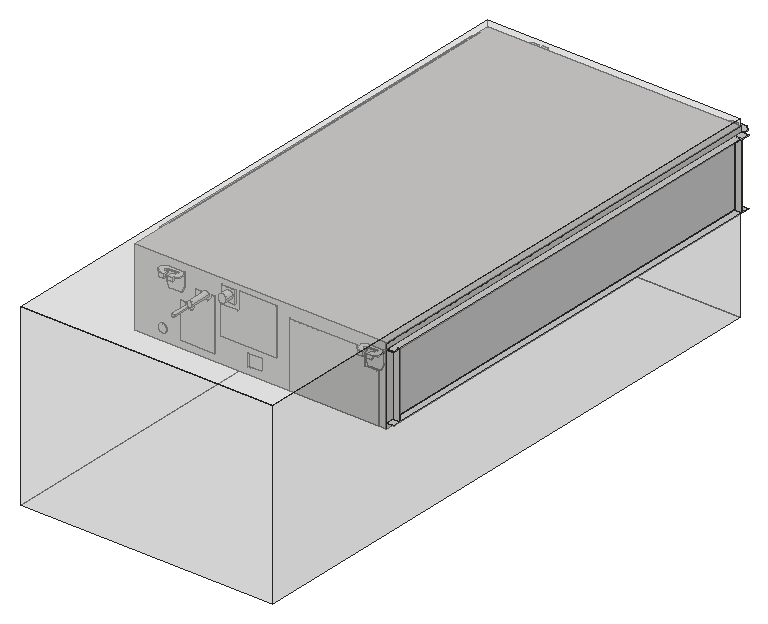
Revit family "outputfile", category 機械設備, Revit 2024
Family settings
  丸型コネクタ寸法 = 半径を使用
  パーツ タイプ = 標準
  OmniClass 番号 = 23.75.10.24.21.27.27
  OmniClass タイトル = Split System Air Conditioning Units
  作業面ベース = いいえ
  常に垂直 = はい
  ロード時にボイドで切り取り = いいえ
  注釈の向きを維持 = いいえ
  共有 = いいえ
  部屋計算ポイント = はい
Parameters (values of type "FBA48BV2S")
  Description = ""
  製造元 = "Daikin"
  書き出し IFC クラス(タイプ) = "IfcUnitaryEquipmentType"
  定義済み IFC タイプ(タイプ) = "AIRCONDITIONINGUNIT"
  Cost = 0
  モデル = "FBA48BV2S"
  Type Comments = ""
  Keynote = ""
  Type Image = (empty or 0)
  Assembly Code = ""
  switch_frequency = yes
  r_Liquid Pipe Size = Liquid Pipe Size / 2  # 4.75 mm
  r_Gas Pipe Size = Gas Pipe Size / 2  # 7.95 mm
  r_Drain Pipe Size = Drain Pipe Size / 2  # 12.5 mm
  lw_power = 770.0 mm  # constant formula
  lh_SA = 138.0 mm  # constant formula
  lw_SA = if(Depth = 550.0 mm, 225.0 mm, if(Depth = 700.0 mm, 300.0 mm, if(Depth = 1000.0 mm, 450.0 mm, if(Depth = 1400.0 mm, 650.0 mm, 725.0 mm))))  # 650.0 mm
  lw_RA = if(Depth = 550.0 mm, 275.0 mm, if(Depth = 700.0 mm, 349.0 mm, if(Depth = 1000.0 mm, 499.0 mm, if(Depth = 1400.0 mm, 699.0 mm, 775.0 mm))))  # 699.0 mm
  lh_power = 60.0 mm + [h***]  # 60.0 mm
  lh_mountinghole1 = lh_mountinghole + [h***]  # 222.0 mm
  lh_RA = 123.0 mm  # constant formula
  ld_power = Depth / 2  # 700.0 mm
  connector_voltage = Voltage_50Hz  # 220 V
  connector_powerinput = [Power Input (Cooling)]  # 5.440 kW
  connector_phase = Phase_50Hz  # 1
  Voltage_comment_50Hz = "220 - 240"
  Voltage_50Hz = 220 V
  URL = ""
  Supply Air Direction [instance] = yes
  Sound Power Level_H speed (dB) = 0
  Phase_50Hz = 1
  Minimum External Static Pressure = 50.00 Pa
  Minimum Circuit Amps_50Hz = 2.9 A
  Maximum Fuse Amps_50Hz = 1602.0 A
  Maximum External Static Pressure = 150.00 Pa
  Material_Casing = DAIKIN_GalvanizedSteel_Casing_indoorunit
  lw_mountinghole = 630.0 mm  # constant formula
  lh_gaspipe = 183.0 mm + [h***]  # 183.0 mm
  lh_mountinghole = 222.0 mm  # constant formula
  lh_liquidpipe = 136.0 mm + [h***]  # 136.0 mm
  lh_drainpipe = 207.0 mm + [h***]  # 207.0 mm
  lh_antena = Height - lh_mountinghole + 1.0 mm  # 24.0 mm
  ld_drainpipe = Depth / 2 + 26.0 mm  # 726.0 mm
  ld_liquidpipe = Depth / 2 + 69.0 mm  # 769.0 mm
  ld_gaspipe = Depth / 2 + 65.0 mm  # 765.0 mm
  ld_mountinghole = Depth + 38.0 mm  # 1438.0 mm
  h*** = 0.0 mm  # constant formula
  lw_liquidpipe = 179.0 mm  # constant formula
  lw_gaspipe = 229.0 mm  # constant formula
  lw_drainpipe = 300.0 mm  # constant formula
  Width = 800.0 mm
  Version = "ver.1.0"
  Unit Type = "M.S.P. Duct"
  Unit Mass Weight = 47.00 kg
  Unit Designation [instance] = ""
  Uniclass2015Version = "Products v1.30"
  Uniclass2015Title = "Split coil room air conditioning units"
  Uniclass2015Code = "Pr_70_65_03_86"
  Total Cooling Capacity [instance] = 0.000 kW
  Sound Pressure Level_M speed (dBA) = 37.5
  Sound Pressure Level_L speed (dBA) = 35
  Sound Pressure Level_H speed (dBA) = 40
  Series = "SkyAir_Fan Coil Unit"
  Sensible Cooling Capacity [instance] = 0.000 kW
  SA Duct Size Width = 1192.0 mm
  SA Duct Size Height = 176.0 mm
  Refrigerant Type = "R32"
  RA Duct Size Width = 1352.0 mm
  RA Duct Size Height = 208.0 mm
  Power Input (Cooling) = 5.440 kW
  Option Accessory 3 [instance] = ""
  Option Accessory 2 [instance] = ""
  Option Accessory 1 [instance] = ""
  Nominal Cooling Capacity = 14.100 kW
  Minimum Airflow = 1500.00 m³/h
  Median Airflow = 1830.00 m³/h
  Maximum Airflow = 2160.00 m³/h
  Load Classification = HVAC
  Liquid Pipe Size = 9.5 mm
  Link_Nested Family [instance] = ""
  IfcVersion = ""
  IfcExportType = "AIRCONDITIONINGUNIT"
  IfcExportAs = "IfcUnitaryEquipmentType"
  Height = 245.0 mm
  Heat Exchanger Type = "Cross Fin Coil"
  Gas Pipe Size = 15.9 mm
  Frequency_50Hz = 50 Hz
  Fan Type = "Sirocco Fan"
  Fan Drive = "Direct Drive"
  FCU Tag No. [instance] = ""
  Drain Pipe Size = 25.0 mm
  Design Supply Airflow [instance] = 0.00 m³/h
  Design Return Airflow [instance] = 0.00 m³/h
  Design External Static Pressure [instance] = 0.00 Pa
  Depth = 1400.0 mm
  既定の高さ = 0.0 mm
  Cooling Entering Wet Bulb Temperature [instance] = 0.00 °C
  Cooling Entering Dry Bulb Temperature [instance] = 0.00 °C
  Cooling Ambient Wet Bulb Temperature [instance] = 0.00 °C
  Cooling Ambient Dry Bulb Temperature [instance] = 0.00 °C
  Clearance visibility [instance] = yes
  Clearance Top = 20.0 mm
  Clearance Right = 0.0 mm
  Clearance Rear = 0.0 mm
  Clearance Left = 0.0 mm
  Clearance Front = 450.0 mm
  Clearance Bottom = 300.0 mm
Reference planes
  plane 1 "Center (Front/Back)": y = 0
  plane 2 "h": z = 0
  plane 3 "Center (Left/Right)": x = 0
  plane 4 "Back": y = 700
  plane 5 "Front": y = -700
  plane 6 "Left": x = -400
  plane 7 "Right": x = 400
  plane 8 "Top": z = 0
  plane 9 "Bottom": z = -245
  plane 10: y = -215
  plane 11: y = 700
  plane 12: y = -1150
  plane 13: x = -400
  plane 14: x = 400
  plane 15: z = 20
  plane 16: z = -545
  plane 17: x = -400
  plane 18: x = -399
  plane 19: x = 399
  plane 20: y = 50
  plane 21: y = -1
  plane 22: z = -122
  plane 23: y = -701
  plane 24: z = -109
  plane 25: x = -221
  plane 26: y = -765
  plane 27: z = -62
  plane 28: x = -171
  plane 29: y = -726
  plane 30: z = -38
  plane 31: x = -100
  plane 32: x = -100
  plane 33: x = -221
  plane 34: x = -171
  plane 35: x = 370
  plane 36: x = -266
  plane 37: x = 364
  plane 38: y = -719
  plane 39: y = 719
  plane 40: z = -23
  plane 41: z = -107
  plane 42: y = -769
  plane 43: z = -207
  plane 44: x = -309
  plane 45: y = -376
  plane 46: x = -251
  plane 47: x = -203
  plane 48: x = -144
  plane 49: z = -59
  plane 50: z = -106
  plane 51: z = -221
  plane 52: z = -109
  plane 53: x = -221
  plane 54: z = -62
  plane 55: x = -171
  plane 56: z = -17
  plane 57: z = -59
  plane 58: x = -121
  plane 59: x = -79
  plane 60: x = -125
  plane 61: x = -64
  plane 62: x = 53
  plane 63: z = -164
  plane 64: z = -73
  plane 65: z = -16
  plane 66: x = 93.5
  plane 67: x = 374.5
  plane 68: x = 330
  plane 69: z = -88.5
  plane 70: z = -38
  plane 71: z = -242.5
  plane 72: x = -38.5
  plane 73: x = 6.5
  plane 74: z = -181
  plane 75: z = -221
  plane 76: y = -699
  plane 77: x = -424
  plane 78: x = 424
Forms (mm)
  Extrusion 1, solid, material "DAIKIN_GalvanizedSteel_Casing_indoorunit" <- "Material_Casing"
    sketch origin (0, 0, 0) x (1, 0, 0) y (0, 1, 0)
      loop
        line (-399, 700) -> (-399, -700) -> (399, -700) -> (399, 700) -> (-399, 700)
    from -245 to 0
  Extrusion 2, solid, material "DAIKIN_GalvanizedSteel_Casing_indoorunit" <- "Material_Casing"
    sketch origin (0, 0, 0) x (1, 0, 0) y (0, 0, 1)
      loop
        line (-251, -221) -> (-144, -221) -> (-144, -59) -> (-154.47, -59)
        arc (-154.47, -59) -> (-171, -78.8) -> (-187.53, -59) r 16.8
        line (-187.53, -59) -> (-203, -59) -> (-203, -106) -> (-206.916, -106)
        arc (-206.916, -106) -> (-221, -123.4) -> (-235.084, -106) r 14.4
        line (-235.084, -106) -> (-251, -106) -> (-251, -221)
    from 700 to 701
  Extrusion 3, solid, material "DAIKIN_GalvanizedSteel_Casing_indoorunit" <- "Material_Casing"
    sketch origin (0, 0, 0) x (1, 0, 0) y (0, 0, 1)
      loop
        line (-121, -17) -> (-121, -59) -> (-79, -59) -> (-79, -17) -> (-121, -17)
      loop
        line (-125, -73) -> (-125, -164) -> (53, -164) -> (53, -16) -> (-64, -16) -> (-64, -73) -> (-125, -73)
    from 700 to 701
  Extrusion 4, solid, material "DAIKIN_GalvanizedSteel_Casing_indoorunit" <- "Material_Casing"
    sketch origin (0, 0, 0) x (1, 0, 0) y (0, 0, 1)
      loop
        line (93.5, -38) -> (93.5, -242.5) -> (374.5, -242.5) -> (374.5, -88.5) -> (330, -88.5) -> (330, -38) -> (93.5, -38)
    from 700 to 701
  Extrusion 5, solid, material "DAIKIN_GalvanizedSteel_Casing_indoorunit" <- "Material_Casing"
    sketch origin (0, 0, 0) x (1, 0, 0) y (0, 0, 1)
      loop
        circle (-221, -109) r 4.75
    from 700 to 769
  Extrusion 6, solid, material "DAIKIN_GalvanizedSteel_Casing_indoorunit" <- "Material_Casing"
    sketch origin (0, 0, 0) x (1, 0, 0) y (0, 0, 1)
      loop
        circle (-171, -62) r 7.95
    from 700 to 765
  Extrusion 7, solid, material "DAIKIN_GalvanizedSteel_Casing_indoorunit" <- "Material_Casing"
    sketch origin (0, 0, 0) x (1, 0, 0) y (0, 0, 1)
      loop
        circle (-100, -38) r 12.5
    from 701 to 726
  Extrusion 8, solid, material "DAIKIN_GalvanizedSteel_Casing_indoorunit" <- "Material_Casing"
    sketch origin (0, 0, 0) x (1, 0, 0) y (0, 0, 1)
      loop
        circle (-309, -207) r 13
    from 700 to 526
  Extrusion 9, void
    sketch origin (0, 0, 0) x (1, 0, 0) y (0, 0, 1)
      loop
        line (-38.5, -181) -> (-38.5, -221) -> (6.5, -221) -> (6.5, -181) -> (-38.5, -181)
    from 699 to 700
Cuts and joins
  Extrusion 9 cuts Extrusion 1
Dimensions and locks
  "Height": plane 8 "Top" to plane 9 "Bottom"
  equal spacing: plane 4 "Back", plane 1 "Center (Front/Back)", plane 5 "Front"
  "Depth": plane 4 "Back" to plane 5 "Front"
  equal spacing: plane 6 "Left", plane 3 "Center (Left/Right)", plane 7 "Right"
  "Width": plane 6 "Left" to plane 7 "Right"
  "Clearance Left": plane 13 to plane 6 "Left"
  "Clearance Right": plane 7 "Right" to plane 14
  "Clearance Rear": plane 11 to plane 4 "Back"
  "Clearance Front": plane 5 "Front" to plane 12
  "Clearance Top": plane 15 to plane 8 "Top"
  "Clearance Bottom": plane 9 "Bottom" to plane 16
  locked: plane 17 to plane 18 at 1
  locked: plane 19 to plane 14 at 1
  "lw_SA": plane 11 to plane 20
  "lw_RA": plane 21 to plane 5 "Front"
  "lh_RA": plane 22 to plane 9 "Bottom"
  locked: plane 5 "Front" to plane 23 at 1
  "lw_liquidpipe": plane 25 to plane 6 "Left"
  "lh_liquidpipe": plane 24 to plane 9 "Bottom"
  "lh_gaspipe": plane 27 to plane 9 "Bottom"
  "lw_gaspipe": plane 28 to plane 6 "Left"
  "ld_gaspipe": plane 26 to plane 1 "Center (Front/Back)"
  "ld_drainpipe": plane 29 to plane 1 "Center (Front/Back)"
  "lh_drainpipe": plane 30 to plane 9 "Bottom"
  "lw_drainpipe": plane 31 to plane 6 "Left"
  "lw_drainpipe": plane 6 "Left" to plane 32
  "lw_liquidpipe": plane 6 "Left" to plane 33
  "lw_gaspipe": plane 6 "Left" to plane 34
  "lw_power": plane 6 "Left" to plane 35
  locked: plane 17 to plane 36 at 134
  "lw_mountinghole": plane 36 to plane 37
  equal spacing: plane 38, plane 1 "Center (Front/Back)", plane 39
  "ld_mountinghole": plane 39 to plane 38
  "lh_mountinghole": plane 40 to plane 9 "Bottom"
  "lh_SA": plane 41 to plane 9 "Bottom"
  locked: plane 44 to plane 6 "Left" at 91
  locked: plane 43 to plane 9 "Bottom" at 38
  plane 48 to plane 47 to plane 46 to plane 6 "Left" = 59.0 mm, 48.0 mm, 149.0 mm
  plane 8 "Top" to plane 49 to plane 50 to plane 51 = 59.0 mm locked, 47.0 mm locked, 115.0 mm locked
  plane 55 to plane 53 to plane 6 "Left" = 50.0 mm locked, 179.0 mm locked
  plane 54 to plane 52 to plane 9 "Bottom" = 47.0 mm locked, 136.0 mm locked
  plane 59 to plane 58 to plane 6 "Left" = 42.0 mm locked, 279.0 mm locked
  plane 8 "Top" to plane 56 to plane 57 = 17.0 mm locked, 42.0 mm locked
  plane 62 to plane 61 to plane 60 to plane 6 "Left" = 117.0 mm, 61.0 mm, 275.0 mm
  plane 8 "Top" to plane 65 to plane 64 = 16.0 mm locked, 57.0 mm locked
  locked: plane 65 to plane 63 at 148
  plane 8 "Top" to plane 70 to plane 69 to plane 71 = 38.0 mm locked, 50.5 mm locked, 154.0 mm locked
  plane 67 to plane 68 to plane 66 to plane 6 "Left" = 44.5 mm locked, 236.5 mm locked, 493.5 mm locked
  plane 8 "Top" to plane 74 to plane 75 = 181.0 mm locked, 40.0 mm locked
  plane 73 to plane 72 to plane 6 "Left" = 45.0 mm, 361.5 mm
  locked: plane 76 to plane 5 "Front" at 1
  locked: plane 77 to plane 17 at 24
  locked: plane 14 to plane 78 at 24
  "ld_liquidpipe": plane 42 to plane 1 "Center (Front/Back)"
  "r_Liquid Pipe Size": radius of Extrusion 5 sketch curve
  "r_Gas Pipe Size": radius of Extrusion 6 sketch curve
  "r_Drain Pipe Size": radius of Extrusion 7 sketch curve
  aligned and locked: level to plane 2 "h"
  aligned and locked: plane 8 "Top" to Extrusion 1
  aligned and locked: Extrusion 1 to plane 9 "Bottom"
  aligned and locked: nested 5 to plane 12
  aligned and locked: plane 13 to nested 5
  aligned and locked: plane 14 to nested 5
  aligned and locked: nested 5 to plane 13
  aligned and locked: plane 11 to nested 5
  aligned and locked: plane 15 to nested 5
  aligned and locked: plane 16 to nested 5
  aligned and locked: plane 5 "Front" to Extrusion 1 sketch curve
  aligned and locked: Extrusion 1 to plane 18
  aligned and locked: plane 19 to Extrusion 1
  aligned and locked: nested 7 to plane 18
  aligned and locked: nested 7 to plane 20
  aligned and locked: plane 19 to nested 8
  aligned and locked: plane 21 to nested 8
  aligned and locked: plane 22 to nested 8
  aligned and locked: Extrusion 2 to plane 23
  aligned and locked: plane 5 "Front" to Extrusion 2
  aligned and locked: Extrusion 3 to plane 23
  aligned and locked: plane 5 "Front" to Extrusion 3
  aligned and locked: plane 5 "Front" to Extrusion 4
  aligned and locked: Extrusion 5 sketch curve to plane 25
  aligned and locked: plane 24 to Extrusion 5 sketch curve
  aligned and locked: plane 5 "Front" to Extrusion 5
  aligned and locked: Extrusion 6 sketch curve to plane 28
  aligned and locked: plane 27 to Extrusion 6 sketch curve
  aligned and locked: plane 5 "Front" to Extrusion 6
  aligned and locked: Extrusion 7 sketch curve to plane 31
  aligned and locked: Extrusion 7 sketch curve to plane 30
  aligned and locked: Extrusion 7 to plane 29
  aligned and locked: plane 23 to Extrusion 7
  aligned and locked: nested 3 to plane 29
  aligned and locked: nested 3 to plane 32
  aligned and locked: nested 2 to plane 33
  aligned and locked: nested 1 to plane 34
  aligned and locked: Extrusion 6 to plane 26
  aligned and locked: nested 1 to plane 26
  aligned and locked: nested 6 to plane 5 "Front"
  aligned and locked: nested 6 to plane 35
  aligned and locked: plane 36 to nested 10
  aligned and locked: nested 10 to plane 5 "Front"
  aligned and locked: plane 37 to nested 9
  aligned and locked: nested 9 to plane 5 "Front"
  aligned and locked: nested 11 to plane 36
  aligned and locked: plane 4 "Back" to nested 11
  aligned and locked: nested 12 to plane 37
  aligned and locked: plane 4 "Back" to nested 12
  aligned and locked: plane 40 to nested 10
  aligned and locked: plane 40 to nested 11
  aligned and locked: plane 40 to nested 9
  aligned and locked: plane 40 to nested 12
  aligned and locked: plane 36 to nested 14
  aligned and locked: nested 14 to plane 39
  aligned and locked: plane 37 to nested 13
  aligned and locked: nested 13 to plane 39
  aligned and locked: plane 37 to nested 16
  aligned and locked: plane 38 to nested 16
  aligned and locked: plane 38 to nested 15
  aligned and locked: plane 36 to nested 15
  aligned and locked: plane 17 to plane 6 "Left"
  aligned and locked: plane 41 to nested 7
  aligned and locked: Extrusion 5 to plane 42
  aligned and locked: nested 2 to plane 42
  aligned and locked: Extrusion 8 sketch curve to plane 44
  aligned and locked: plane 43 to Extrusion 8 sketch curve
  aligned and locked: plane 5 "Front" to Extrusion 8
  aligned and locked: Extrusion 3 sketch curve to plane 56
  aligned and locked: Extrusion 3 sketch curve to plane 58
  aligned and locked: plane 57 to Extrusion 3 sketch curve
  aligned and locked: plane 59 to Extrusion 3 sketch curve
  aligned and locked: Extrusion 4 to plane 23
  aligned and locked: Extrusion 9 sketch curve to plane 74
  aligned and locked: plane 75 to Extrusion 9 sketch curve
  aligned and locked: plane 73 to Extrusion 9 sketch curve
  aligned and locked: plane 5 "Front" to Extrusion 9
  aligned and locked: plane 76 to Extrusion 9
  aligned and locked: nested 17 to plane 20
  aligned and locked: nested 17 to plane 77
  aligned and locked: plane 21 to nested 18
  aligned and locked: plane 78 to nested 18
  aligned and locked: plane 41 to nested 17
  aligned and locked: nested 18 to plane 22
  aligned and locked: nested 4 to plane 3 "Center (Left/Right)"
  aligned and locked: plane 1 "Center (Front/Back)" to nested 4
  aligned and locked: level to plane 8 "Top"
Automatic sketch dimensions
  plane 6 "Left" to Extrusion 1 sketch curve = 1.0 mm
  Extrusion 1 sketch curve to plane 7 "Right" = 1.0 mm
  Extrusion 1 sketch curve to plane 4 "Back" = 0.0 mm
  Extrusion 2 sketch curve to plane 46 = 0.0 mm
  Extrusion 2 sketch curve to plane 33 = 0.0 mm
  Extrusion 2 sketch curve to plane 47 = 0.0 mm
  Extrusion 2 sketch curve to plane 34 = 0.0 mm
  Extrusion 2 sketch curve to plane 48 = 0.0 mm
  Extrusion 2 sketch curve to plane 51 = 0.0 mm
  Extrusion 2 sketch curve to plane 52 = 0.0 mm
  Extrusion 2 sketch curve to plane 50 = 0.0 mm  (x3)
  Extrusion 2 sketch curve to plane 54 = 0.0 mm
  Extrusion 2 sketch curve to plane 49 = 0.0 mm  (x3)
  plane 33 to Extrusion 2 sketch curve = 14.084 mm
  plane 34 to Extrusion 2 sketch curve = 16.53 mm
  Extrusion 3 sketch curve to plane 60 = 0.0 mm
  Extrusion 3 sketch curve to plane 61 = 0.0 mm
  Extrusion 3 sketch curve to plane 62 = 0.0 mm
  Extrusion 3 sketch curve to plane 63 = 0.0 mm
  Extrusion 3 sketch curve to plane 64 = 0.0 mm
  Extrusion 3 sketch curve to plane 65 = 0.0 mm
  Extrusion 4 sketch curve to plane 66 = 0.0 mm
  Extrusion 4 sketch curve to plane 68 = 0.0 mm
  Extrusion 4 sketch curve to plane 67 = 0.0 mm
  Extrusion 4 sketch curve to plane 71 = 0.0 mm
  Extrusion 4 sketch curve to plane 69 = 0.0 mm
  Extrusion 4 sketch curve to plane 70 = 0.0 mm
  Extrusion 9 sketch curve to plane 72 = 0.0 mm
  radius of Extrusion 8 sketch curve = 13.0 mm
Nested families
  nested 1: "daikin_connector_rotate2" at (-171, 0, -62), length <- "ld_gaspipe", built-in parameter 1001364 <- "lh_gaspipe", radius <- "r_Gas Pipe Size", type "daikin_connector_rotate2"
    with radius 7.95 mm, length 765.0 mm, angle_vertical 90.00°
  nested 2: "daikin_connector_rotate2" at (-221, 0, -109), length <- "ld_liquidpipe", built-in parameter 1001364 <- "lh_liquidpipe", radius <- "r_Liquid Pipe Size", type "daikin_connector_rotate2"
    with radius 4.75 mm, length 769.0 mm, angle_vertical 90.00°
  nested 3: "daikin_connector_rotate2" at (-100, 0, -38), length <- "ld_drainpipe", built-in parameter 1001364 <- "lh_drainpipe", radius <- "r_Drain Pipe Size", type "daikin_connector_rotate2"
    with radius 12.5 mm, length 726.0 mm, angle_vertical 90.00°
  nested 4: "daikin_△_symbolicline" at (0, 0, 245) x (0, -1, 0) z (0, 0, 1), built-in parameter 1001364 <- "Height", visible <- "Supply Air Direction", type "daikin_△_symbolicline"
    with length 200.0 mm
  nested 5: "daikin_clearancespace" at (0, -225, -262.381), visible <- "Clearance visibility", show <- "Clearance visibility", Link_Nested Family <- "Link_Nested Family", type "daikin_clearancespace"
    with width 800.0 mm, show yes, height 565.0 mm, depth 1850.0 mm, Link_Nested Family ""
  nested 6: "daikin_connector_rotate2" at (370, 0, -185), built-in parameter 1001364 <- "lh_power", length <- "ld_power", type "daikin_connector_rotate2"
    with radius 10.0 mm, length 700.0 mm, angle_vertical 90.00°
  nested 7: "daikin_ductflange_FBA-BV2S2" at (-399, 50, -107) x (0, -1, 0) z (0, 0, 1), type "daikin_ductflange_FBA-BV2S2"
  nested 8: "daikin_ductflange_FBA-BV2S" at (399, -1, -122) x (0, 1, 0) z (0, 0, 1), type "daikin_ductflange_FBA-BV2S"
    with width 1352.0 mm, lw 25.0 mm, w 1400.0 mm
  nested 9: "daikin_hangerfixture_FBA-BV2S" at (364, -700, -23), type "daikin_hangerfixture_FBA-BV2S"
  nested 10: "daikin_hangerfixture_FBA-BV2S" at (-266, -700, -23), type "daikin_hangerfixture_FBA-BV2S"
  nested 11: "daikin_hangerfixture_FBA-BV2S" at (-266, 700, -23) x (-1, 0, 0) z (0, 0, 1), type "daikin_hangerfixture_FBA-BV2S"
  nested 12: "daikin_hangerfixture_FBA-BV2S" at (364, 700, -23) x (-1, 0, 0) z (0, 0, 1), type "daikin_hangerfixture_FBA-BV2S"
  nested 13: "daikin_mountinghole" at (364, 719, -245), h_mountinghole <- "lh_mountinghole1", l_antenna <- "lh_antena", Link_Nested Family <- "Link_Nested Family", type "daikin_mountinghole"
    with show yes, l_antenna 24.0 mm, h_mountinghole 222.0 mm, Link_Nested Family ""
  nested 14: "daikin_mountinghole" at (-266, 719, -245), h_mountinghole <- "lh_mountinghole1", l_antenna <- "lh_antena", Link_Nested Family <- "Link_Nested Family", type "daikin_mountinghole"
    with show yes, l_antenna 24.0 mm, h_mountinghole 222.0 mm, Link_Nested Family ""
  nested 15: "daikin_mountinghole" at (-266, -719, -245), h_mountinghole <- "lh_mountinghole1", l_antenna <- "lh_antena", Link_Nested Family <- "Link_Nested Family", type "daikin_mountinghole"
    with show yes, l_antenna 24.0 mm, h_mountinghole 222.0 mm, Link_Nested Family ""
  nested 16: "daikin_mountinghole" at (364, -719, -245), h_mountinghole <- "lh_mountinghole1", l_antenna <- "lh_antena", Link_Nested Family <- "Link_Nested Family", type "daikin_mountinghole"
    with show yes, l_antenna 24.0 mm, h_mountinghole 222.0 mm, Link_Nested Family ""
  nested 17: "daikin_connector_rotate2" at (-400, 50, -107) x (0, -1, 0) z (0, 0, 1), type "daikin_connector_rotate2"
    with radius 10.0 mm, length 24.0 mm, angle_vertical 90.00°
  nested 18: "daikin_connector_rotate2" at (400, -1, -122) x (0, 1, 0) z (0, 0, 1), type "daikin_connector_rotate2"
    with radius 10.0 mm, length 24.0 mm, angle_vertical 90.00°
Connectors
  piping at (-100, -726, -38), diameter 25, driven by "r_Drain Pipe Size"
    settings: on nested 3, index 3, connector inside diameter 609.6 mm, connector length 0.0 mm, flow factor 0, pipe flow 0.00 m³/h, pressure drop 0.0 Pa, fitting loss kfactor 0, connector angle 0.00°, fixture units 0, engagement length 0.0 mm, angle of deflection 0.00°, flow configuration 1, flow direction 2, fitting loss method 4, system type 16, joint type 0, gender type 0, connector reference index -1, connector utility 0, adjustable connector no, is connector primary yes, connector description "Condensate Drain Piping"
  piping at (-171, -765, -62), diameter 15.9, driven by "r_Gas Pipe Size"
    settings: on nested 1, index 4, connector inside diameter 609.6 mm, connector length 0.0 mm, flow factor 0, pipe flow 0.00 m³/h, pressure drop 0.0 Pa, fitting loss kfactor 0, connector angle 0.00°, fixture units 0, engagement length 0.0 mm, angle of deflection 0.00°, flow configuration 1, flow direction 2, fitting loss method 0, system type 29, joint type 0, gender type 0, connector reference index -1, connector utility 0, adjustable connector no, is connector primary no, connector description "Refrigerant Gas Piping"
  piping at (-221, -769, -109), diameter 9.5, driven by "r_Liquid Pipe Size"
    settings: on nested 2, index 5, connector inside diameter 609.6 mm, connector length 0.0 mm, flow factor 0, pipe flow 0.00 m³/h, pressure drop 0.0 Pa, fitting loss kfactor 0, connector angle 0.00°, fixture units 0, engagement length 0.0 mm, angle of deflection 0.00°, flow configuration 1, flow direction 1, fitting loss method 0, system type 29, joint type 0, gender type 0, connector reference index -1, connector utility 0, adjustable connector no, is connector primary no, connector description "Refrigerant Liquid Piping"
  electrical at (370, -700, -185), driven by "Load Classification", driven by "connector_voltage", driven by "connector_phase", driven by "connector_powerinput"
    settings: on nested 6, index 6, voltage 220 V, apparent load 5440 VA, apparent load phase1 0 VA, apparent load phase2 0 VA, apparent load phase3 0 VA, power factor 1, load classification "HVAC", number of poles 1, system type 30, power factor state 1, is connector primary yes, connector utility no, sub classification motor no, connector description "Power Supply"
  hvac at (-424, 50, -107), driven by "SA Duct Size Height", driven by "SA Duct Size Width"
    settings: on nested 17, index 7, duct flow 0.00 m³/h, flow factor 0, pres drop 0.00 Pa, loss coef 0, conn angle 0.00°, conn width 1192.0 mm, conn height 176.0 mm, conn diameter 609.6 mm, duct sys type 1, conn prof type 1, flow config 0, flow direction 2, loss method 4, conn ref index -1, conn util no, is conn primary yes, conn desc "SA Duct"
  hvac at (424, -1, -122), driven by "RA Duct Size Height", driven by "RA Duct Size Width"
    settings: on nested 18, index 8, duct flow 0.00 m³/h, flow factor 0, pres drop 0.00 Pa, loss coef 0, conn angle 0.00°, conn width 1352.0 mm, conn height 208.0 mm, conn diameter 609.6 mm, duct sys type 2, conn prof type 1, flow config 0, flow direction 1, loss method 4, conn ref index -1, conn util no, is conn primary no, conn desc "RA Duct"
Definition of nested family "daikin_clearancespace"
  Parameters (values of type "daikin_clearancespace")
    Description = "daikin_clearancespace"
    width [instance] = 1823.963 mm
    show [instance] = yes
    material = none
    height [instance] = 1359.762 mm
    depth [instance] = 880.0 mm
    Default Elevation = 0.0 mm
    Link_Nested Family [instance] = ""
  Reference planes
    plane 1 "Center (Front/Back)": y = 0
    plane 2 "Center (Elevation)": z = -0.119
    plane 3 "Center (Left/Right)": x = 0
    plane 4: y = 440
    plane 5: y = -440
    plane 6 "Right": x = 911.982
    plane 7 "Left": x = -911.982
    plane 8 "Top": z = 679.762
    plane 9 "Bottom": z = -680
  Forms (mm)
    Extrusion 1, solid, material <- "material", visible <- "show"
      sketch origin (0, 0, 0) x (1, 0, 0) y (0, 1, 0)
        loop
          line (-911.982, 440) -> (-911.982, -440) -> (911.982, -440) -> (911.982, 440) -> (-911.982, 440)
      from -680 to 679.762
  Lines and regions (mm)
    symbolic lines, visible <- "show"
      curve 1: line (911.982, 440, 0) -> (-911.982, 440, 0)
      curve 2: line (-911.982, 440, 0) -> (-911.982, -440, 0)
      curve 3: line (-911.982, -440, 0) -> (911.982, -440, 0)
      curve 4: line (911.982, -440, 0) -> (911.982, 440, 0)
      curve 5: line (911.982, 0, 679.762) -> (-911.982, 0, 679.762)
      curve 6: line (911.982, 0, -680) -> (911.982, 0, 679.762)
      curve 7: line (-911.982, 0, -680) -> (911.982, 0, -680)
      curve 8: line (-911.982, 0, 679.762) -> (-911.982, 0, -680)
      curve 9: line (0, 440, 679.762) -> (0, -440, 679.762)
      curve 10: line (0, -440, 679.762) -> (0, -440, -680)
      curve 11: line (0, 440, -680) -> (0, 440, 679.762)
      curve 12: line (0, -440, -680) -> (0, 440, -680)
  Dimensions and locks
    "width": plane 7 "Left" to plane 6 "Right"
    "depth": plane 4 to plane 5
    "height": plane 8 "Top" to plane 9 "Bottom"
    equal spacing: plane 7 "Left", plane 3 "Center (Left/Right)", plane 6 "Right"
    equal spacing: plane 4, plane 1 "Center (Front/Back)", plane 5
    equal spacing: plane 8 "Top", plane 2 "Center (Elevation)", plane 9 "Bottom"
    aligned and locked: level to plane 2 "Center (Elevation)"
    aligned and locked: Extrusion 1 sketch curve to plane 4
    aligned and locked: plane 7 "Left" to Extrusion 1 sketch curve
    aligned and locked: Extrusion 1 sketch curve to plane 5
    aligned and locked: Extrusion 1 sketch curve to plane 6 "Right"
    aligned and locked: plane 8 "Top" to Extrusion 1
    aligned and locked: curve 1 to Extrusion 1
    aligned and locked: curve 2 to Extrusion 1
    aligned and locked: curve 3 to Extrusion 1
    aligned and locked: curve 4 to Extrusion 1
    aligned and locked: curve 5 to Extrusion 1
    aligned and locked: curve 6 to Extrusion 1
    aligned and locked: curve 7 to Extrusion 1
    aligned and locked: curve 8 to Extrusion 1
    aligned and locked: curve 9 to Extrusion 1
    aligned and locked: curve 10 to Extrusion 1
    aligned and locked: curve 11 to Extrusion 1
    aligned and locked: curve 12 to Extrusion 1
    aligned and locked: Extrusion 1 to plane 9 "Bottom"
Definition of nested family "daikin_ductflange_FBA-BV2S2"
  Parameters (values of type "daikin_ductflange_FBFC-DVMG2")
    width = if(w = 550.0 mm, 337.0 mm, if(w = 700.0 mm, 492.0 mm, if(w = 1000.0 mm, 792.0 mm, if(w = 1400.0 mm, 1192.0 mm, 1337.0 mm))))  # 1192.0 mm
    material = none
    height = 215.0 mm
    depth = 1.0 mm
    w = 1400.0 mm
    Default Elevation = 0.0 mm
  Reference planes
    plane 1 "Center (Front/Back)": y = 0
    plane 2: z = 0
    plane 3 "Center (Left/Right)": x = 0
    plane 4: z = 88
    plane 5: z = -88
    plane 6: y = -25
    plane 7: z = 106
    plane 8: z = 89
    plane 9: y = -1
    plane 10: x = -617.5
    plane 11: x = 617.5
    plane 12: z = -106
    plane 13: z = -89
    plane 14: y = -1
    plane 15: x = 596
    plane 16: x = -596
    plane 17: x = 597
    plane 18: z = 87
    plane 19: z = -87
    plane 20: x = -597
    plane 21: z = 87
    plane 22: z = -87
    plane 23: y = -1
  Forms (mm)
    Extrusion 1, solid, material <- "material"
      sketch origin (0, 0, 0) x (0, 1, 0) y (0, 0, 1)
        loop
          line (-25, 88) -> (0, 88) -> (0, 106) -> (-1, 106) -> (-1, 89) -> (-25, 89) -> (-25, 88)
      from -617.5 to 617.5
    Extrusion 2, solid, material <- "material"
      sketch origin (0, 0, 0) x (0, 1, 0) y (0, 0, 1)
        loop
          line (-25, -88) -> (-25, -89) -> (-1, -89) -> (-1, -106) -> (0, -106) -> (0, -88) -> (-25, -88)
      from -617.5 to 617.5
    Extrusion 3, solid, material <- "material"
      sketch origin (0, 0, 0) x (1, 0, 0) y (0, 0, 1)
        loop
          line (596, 88) -> (596, -88) -> (617.5, -88) -> (617.5, -87) -> (597, -87) -> (597, 87) -> (617.5, 87) -> (617.5, 88) -> (596, 88)
      from 0 to 25
    Extrusion 4, solid, material <- "material"
      sketch origin (0, 0, 0) x (1, 0, 0) y (0, 0, 1)
        loop
          line (-617.5, 88) -> (-617.5, 87) -> (-597, 87) -> (-597, -87) -> (-617.5, -87) -> (-617.5, -88) -> (-596, -88) -> (-596, 88) -> (-617.5, 88)
      from 0 to 25
    Extrusion 5, solid, material <- "material"
      sketch origin (0, 0, 0) x (1, 0, 0) y (0, 0, 1)
        loop
          line (-617.5, 88) -> (-617.5, -88) -> (-596, -88) -> (-596, 88) -> (-617.5, 88)
        loop
          line (617.5, 88) -> (596, 88) -> (596, -88) -> (617.5, -88) -> (617.5, 88)
      from 0 to 1
  Cuts and joins
    joined: Extrusion 1, Extrusion 2, Extrusion 3, Extrusion 4, Extrusion 5
  Dimensions and locks
    plane 4 to level to plane 5 = 88.0 mm, 88.0 mm
    locked: plane 6 to plane 1 "Center (Front/Back)" at 25
    locked: plane 9 to plane 1 "Center (Front/Back)" at 1
    locked: plane 8 to plane 4 at 1
    locked: plane 16 to plane 10 at 21.5
    locked: plane 17 to plane 15 at 1
    locked: plane 4 to plane 18 at 1
    locked: plane 19 to plane 5 at 1
    "width": plane 15 to plane 16
    plane 4 to plane 5 = 176.0 mm
    locked: plane 16 to plane 20 at 1
    locked: plane 4 to plane 21 at 1
    locked: plane 22 to plane 5 at 1
    locked: plane 23 to plane 1 "Center (Front/Back)" at 1
    plane 4 to level to plane 5 = 88.0 mm locked, 88.0 mm locked
    locked: plane 5 to plane 13 at 1
    locked: plane 5 to plane 12 at 18
    locked: plane 7 to plane 4 at 18
    equal spacing: plane 15, plane 3 "Center (Left/Right)", plane 16
    locked: plane 11 to plane 15 at 21.5
    plane 11 to plane 10 = 1235.0 mm
    aligned and locked: level to plane 2
    aligned and locked: Extrusion 1 to plane 10
    aligned and locked: plane 11 to Extrusion 1
    aligned and locked: plane 5 to Extrusion 2
    aligned and locked: Extrusion 2 to plane 1 "Center (Front/Back)"
    aligned and locked: plane 15 to Extrusion 3 sketch curve
    aligned and locked: Extrusion 3 sketch curve to Extrusion 2  (x2)
    aligned and locked: Extrusion 3 sketch curve to plane 11
    aligned and locked: plane 6 to Extrusion 3
    aligned and locked: Extrusion 2 to plane 10
    aligned and locked: plane 11 to Extrusion 2
    aligned and locked: Extrusion 4 sketch curve to Extrusion 1  (x2)
    aligned and locked: plane 5 to Extrusion 4 sketch curve
    aligned and locked: Extrusion 4 sketch curve to plane 16
    aligned and locked: Extrusion 4 sketch curve to plane 22
    aligned and locked: plane 20 to Extrusion 4 sketch curve
    aligned and locked: plane 21 to Extrusion 4 sketch curve
    aligned and locked: Extrusion 4 to plane 1 "Center (Front/Back)"
    aligned and locked: plane 6 to Extrusion 4
    aligned and locked: Extrusion 5 sketch curve to Extrusion 1  (x4)
    aligned and locked: Extrusion 5 sketch curve to Extrusion 4  (x2)
    aligned and locked: Extrusion 5 sketch curve to Extrusion 3  (x2)
    aligned and locked: Extrusion 5 to plane 1 "Center (Front/Back)"
    aligned and locked: plane 23 to Extrusion 5
  Automatic sketch dimensions
    Extrusion 1 sketch curve to plane 6 = 0.0 mm
    Extrusion 1 sketch curve to plane 7 = 0.0 mm
    Extrusion 1 sketch curve to plane 9 = 0.0 mm
    Extrusion 1 sketch curve to plane 1 "Center (Front/Back)" = 0.0 mm
    Extrusion 1 sketch curve to plane 4 = 0.0 mm
    Extrusion 1 sketch curve to plane 8 = 0.0 mm
    Extrusion 2 sketch curve to plane 6 = 0.0 mm
    plane 12 to Extrusion 2 sketch curve = 0.0 mm
    Extrusion 2 sketch curve to plane 14 = 0.0 mm
    Extrusion 2 sketch curve to plane 1 "Center (Front/Back)" = 0.0 mm
    plane 13 to Extrusion 2 sketch curve = 0.0 mm
    Extrusion 2 sketch curve to plane 5 = 0.0 mm
    Extrusion 3 sketch curve to plane 17 = 0.0 mm
    Extrusion 3 sketch curve to plane 19 = 0.0 mm
    Extrusion 3 sketch curve to plane 18 = 0.0 mm
    Extrusion 3 sketch curve to plane 4 = 0.0 mm
    Extrusion 4 sketch curve to plane 10 = 0.0 mm
Definition of nested family "daikin_ductflange_FBA-BV2S"
  Parameters (values of type "daikin_ductflange_FBFC-DVMG")
    width = if(w = 550.0 mm, 502.0 mm, if(w = 700.0 mm, 654.0 mm, if(w = 1000.0 mm, 952.0 mm, if(w = 1400.0 mm, 1352.0 mm, 1502.0 mm))))  # 654.0 mm
    material = none
    lw = if(width = 654.0 mm, 23.0 mm, 25.0 mm)  # 23.0 mm
    height = 208.0 mm
    depth = 1.0 mm
    w = 700.0 mm
    Default Elevation = 0.0 mm
  Reference planes
    plane 1 "Center (Front/Back)": y = 0
    plane 2: z = 0
    plane 3 "Center (Left/Right)": x = 0
    plane 4: z = 104
    plane 5: z = -104
    plane 6: y = -25
    plane 7: z = 121
    plane 8: z = 105
    plane 9: y = -1
    plane 10: x = -350
    plane 11: x = 350
    plane 12: z = -122
    plane 13: z = -105
    plane 14: y = -1
    plane 15: x = 327
    plane 16: x = -327
    plane 17: x = 328
    plane 18: z = 103
    plane 19: z = -103
    plane 20: x = -328
    plane 21: z = 103
    plane 22: z = -103
    plane 23: y = -1
  Forms (mm)
    Extrusion 1, solid, material <- "material"
      sketch origin (0, 0, 0) x (0, 1, 0) y (0, 0, 1)
        loop
          line (-25, 104) -> (0, 104) -> (0, 121) -> (-1, 121) -> (-1, 105) -> (-25, 105) -> (-25, 104)
      from -350 to 350
    Extrusion 2, solid, material <- "material"
      sketch origin (0, 0, 0) x (0, 1, 0) y (0, 0, 1)
        loop
          line (-25, -104) -> (-25, -105) -> (-1, -105) -> (-1, -122) -> (0, -122) -> (0, -104) -> (-25, -104)
      from -350 to 350
    Extrusion 3, solid, material <- "material"
      sketch origin (0, 0, 0) x (1, 0, 0) y (0, 0, 1)
        loop
          line (327, 104) -> (327, -104) -> (350, -104) -> (350, -103) -> (328, -103) -> (328, 103) -> (350, 103) -> (350, 104) -> (327, 104)
      from 0 to 25
    Extrusion 4, solid, material <- "material"
      sketch origin (0, 0, 0) x (1, 0, 0) y (0, 0, 1)
        loop
          line (-350, 104) -> (-350, 103) -> (-328, 103) -> (-328, -103) -> (-350, -103) -> (-350, -104) -> (-327, -104) -> (-327, 104) -> (-350, 104)
      from 0 to 25
    Extrusion 5, solid, material <- "material"
      sketch origin (0, 0, 0) x (1, 0, 0) y (0, 0, 1)
        loop
          line (-350, 104) -> (-350, -104) -> (-327, -104) -> (-327, 104) -> (-350, 104)
        loop
          line (350, 104) -> (327, 104) -> (327, -104) -> (350, -104) -> (350, 104)
      from 0 to 1
  Cuts and joins
    joined: Extrusion 1, Extrusion 2, Extrusion 3, Extrusion 4, Extrusion 5
  Dimensions and locks
    plane 4 to level to plane 5 = 104.0 mm, 104.0 mm
    locked: plane 6 to plane 1 "Center (Front/Back)" at 25
    locked: plane 9 to plane 1 "Center (Front/Back)" at 1
    locked: plane 8 to plane 4 at 1
    "lw": plane 11 to plane 15
    "lw": plane 16 to plane 10
    locked: plane 17 to plane 15 at 1
    locked: plane 4 to plane 18 at 1
    locked: plane 19 to plane 5 at 1
    "width": plane 15 to plane 16
    equal spacing: plane 15, plane 3 "Center (Left/Right)", plane 16
    locked: plane 16 to plane 20 at 1
    locked: plane 4 to plane 21 at 1
    locked: plane 22 to plane 5 at 1
    locked: plane 23 to plane 1 "Center (Front/Back)" at 1
    locked: plane 7 to plane 4 at 17
    locked: plane 1 "Center (Front/Back)" to plane 14 at 1
    locked: plane 5 to plane 13 at 1
    "height": plane 4 to plane 5
    plane 11 to plane 10 = 700.0 mm
    locked: plane 12 to plane 13 at 17
    equal spacing: plane 4, level, plane 5
    aligned and locked: level to plane 2
    aligned and locked: Extrusion 1 to plane 10
    aligned and locked: plane 11 to Extrusion 1
    aligned and locked: plane 5 to Extrusion 2
    aligned and locked: Extrusion 2 to plane 1 "Center (Front/Back)"
    aligned and locked: plane 15 to Extrusion 3 sketch curve
    aligned and locked: Extrusion 3 sketch curve to Extrusion 2  (x2)
    aligned and locked: Extrusion 3 sketch curve to plane 11
    aligned and locked: plane 6 to Extrusion 3
    aligned and locked: Extrusion 2 to plane 10
    aligned and locked: plane 11 to Extrusion 2
    aligned and locked: Extrusion 4 sketch curve to Extrusion 1  (x2)
    aligned and locked: plane 5 to Extrusion 4 sketch curve
    aligned and locked: Extrusion 4 sketch curve to plane 16
    aligned and locked: Extrusion 4 sketch curve to plane 22
    aligned and locked: plane 20 to Extrusion 4 sketch curve
    aligned and locked: plane 21 to Extrusion 4 sketch curve
    aligned and locked: Extrusion 4 to plane 1 "Center (Front/Back)"
    aligned and locked: plane 6 to Extrusion 4
    aligned and locked: Extrusion 5 sketch curve to Extrusion 1  (x4)
    aligned and locked: Extrusion 5 sketch curve to Extrusion 4  (x2)
    aligned and locked: Extrusion 5 sketch curve to Extrusion 3  (x2)
    aligned and locked: Extrusion 5 to plane 1 "Center (Front/Back)"
    aligned and locked: plane 23 to Extrusion 5
  Automatic sketch dimensions
    Extrusion 1 sketch curve to plane 6 = 0.0 mm
    Extrusion 1 sketch curve to plane 7 = 0.0 mm
    Extrusion 1 sketch curve to plane 9 = 0.0 mm
    Extrusion 1 sketch curve to plane 1 "Center (Front/Back)" = 0.0 mm
    Extrusion 1 sketch curve to plane 4 = 0.0 mm
    Extrusion 1 sketch curve to plane 8 = 0.0 mm
    Extrusion 2 sketch curve to plane 6 = 0.0 mm
    plane 12 to Extrusion 2 sketch curve = 0.0 mm
    Extrusion 2 sketch curve to plane 14 = 0.0 mm
    Extrusion 2 sketch curve to plane 1 "Center (Front/Back)" = 0.0 mm
    plane 13 to Extrusion 2 sketch curve = 0.0 mm
    Extrusion 2 sketch curve to plane 5 = 0.0 mm
    Extrusion 3 sketch curve to plane 17 = 0.0 mm
    Extrusion 3 sketch curve to plane 19 = 0.0 mm
    Extrusion 3 sketch curve to plane 18 = 0.0 mm
    Extrusion 3 sketch curve to plane 4 = 0.0 mm
    Extrusion 4 sketch curve to plane 10 = 0.0 mm
Definition of nested family "daikin_hangerfixture_FBA-BV2S"
  Parameters (values of type "daikin_hangerfixture_FXMQ-PAVE")
    width = 72.0 mm
    material = none
    height = 60.0 mm
    depth = 41.0 mm
    Default Elevation = 0.0 mm
  Reference planes
    plane 1 "Center (Front/Back)": y = 0
    plane 2: z = 0
    plane 3 "Center (Left/Right)": x = 0
    plane 4: y = 417.146
    plane 5: y = -41
    plane 6: x = -36
    plane 7: x = 36
    plane 8: z = -2.3
    plane 9: z = -60
    plane 10: y = -2.3
    plane 11: z = -12
    plane 12: y = -38.7
  Forms (mm)
    Extrusion 1, solid, material <- "material"
      sketch origin (0, 0, 0) x (1, 0, 0) y (0, 1, 0)
        loop
          line (-28, 0) -> (-28, -5)
          arc (-28, -5) -> (-29.127, -8.162) -> (-32, -9.899) r 5
          arc (-32, -9.899) -> (-34.873, -11.636) -> (-36, -14.798) r 5
          line (-36, -14.798) -> (-36, -27.178)
          arc (-36, -27.178) -> (-35.429, -29.499) -> (-33.846, -31.289) r 5
          line (-33.846, -31.289) -> (-23, -38.798) -> (-23, -41.098) -> (-6.5, -41.098) -> (-6.5, -28.498)
          arc (-6.5, -28.498) -> (-7.379, -26.377) -> (-9.5, -25.498) r 3
          line (-9.5, -25.498) -> (-13.5, -25.498)
          arc (-13.5, -25.498) -> (-20, -18.998) -> (-13.5, -12.498) r 6.5
          line (-13.5, -12.498) -> (13.5, -12.498)
          arc (13.5, -12.498) -> (20, -18.998) -> (13.5, -25.498) r 6.5
          line (13.5, -25.498) -> (9.5, -25.498)
          arc (9.5, -25.498) -> (7.379, -26.377) -> (6.5, -28.498) r 3
          line (6.5, -28.498) -> (6.5, -41.098) -> (23, -41.098) -> (23, -38.798) -> (33.846, -31.289)
          arc (33.846, -31.289) -> (35.429, -29.499) -> (36, -27.178) r 5
          line (36, -27.178) -> (36, -14.596)
          arc (36, -14.596) -> (34.873, -11.434) -> (32, -9.697) r 5
          arc (32, -9.697) -> (29.127, -7.96) -> (28, -4.798) r 5
          line (28, -4.798) -> (28, 0) -> (-28, 0)
      from 0 to -2.3
    Extrusion 2, solid, material <- "material"
      sketch origin (0, 0, 0) x (1, 0, 0) y (0, 0, 1)
        loop
          line (28, -39.037) -> (28, 0) -> (-28, 0) -> (-28, -39.037)
          arc (-28, -39.037) -> (-27.91, -39.983) -> (-27.642, -40.894) r 5
          line (-27.642, -40.894) -> (-21.257, -56.857)
          arc (-21.257, -56.857) -> (-19.418, -59.14) -> (-16.615, -60) r 5
          line (-16.615, -60) -> (16.615, -60)
          arc (16.615, -60) -> (19.418, -59.14) -> (21.257, -56.857) r 5
          line (21.257, -56.857) -> (27.642, -40.894)
          arc (27.642, -40.894) -> (27.91, -39.983) -> (28, -39.037) r 5
      from 0 to 2.3
    Extrusion 3, solid, material <- "material"
      sketch origin (0, 0, 0) x (1, 0, 0) y (0, 0, 1)
        loop
          line (-23, 0) -> (-23, -9)
          arc (-23, -9) -> (-22.121, -11.121) -> (-20, -12) r 3
          line (-20, -12) -> (-9.5, -12)
          arc (-9.5, -12) -> (-7.379, -11.121) -> (-6.5, -9) r 3
          line (-6.5, -9) -> (-6.5, 0) -> (-23, 0)
        loop
          line (23, 0) -> (6.5, 0) -> (6.5, -9)
          arc (6.5, -9) -> (7.379, -11.121) -> (9.5, -12) r 3
          line (9.5, -12) -> (20, -12)
          arc (20, -12) -> (22.121, -11.121) -> (23, -9) r 3
          line (23, -9) -> (23, 0)
      from 38.8 to 41.098
  Cuts and joins
    joined: Extrusion 1, Extrusion 2, Extrusion 3
  Dimensions and locks
    plane 2 to plane 8 = 2.3 mm
    "height": plane 2 to plane 9
    locked: plane 10 to plane 1 "Center (Front/Back)" at 2.3
    locked: plane 2 to plane 11 at 12
    locked: plane 12 to plane 5 at 2.3
    aligned and locked: level to plane 2
    aligned and locked: Extrusion 1 to plane 8
    aligned and locked: plane 2 to Extrusion 1
    aligned and locked: plane 2 to Extrusion 2 sketch curve
    aligned and locked: Extrusion 2 to plane 10
    aligned and locked: Extrusion 2 to plane 1 "Center (Front/Back)"
    aligned and locked: Extrusion 3 sketch curve to cut or joined group of Extrusion 1, Extrusion 2, Extrusion 3  (x3)
    aligned and locked: cut or joined group of Extrusion 1, Extrusion 2, Extrusion 3 to Extrusion 3
  Automatic sketch dimensions
    Extrusion 2 sketch curve to plane 7 = 8.0 mm
    Extrusion 2 sketch curve to plane 8 = 36.737 mm
    plane 6 to Extrusion 2 sketch curve = 19.385 mm
    Extrusion 1 sketch curve to plane 6 = 0.0 mm
    plane 1 "Center (Front/Back)" to Extrusion 1 sketch curve = 0.0 mm
    Extrusion 1 sketch curve to plane 7 = 0.0 mm
    plane 6 to Extrusion 1 sketch curve = 2.154 mm
    plane 6 to Extrusion 1 sketch curve = 3.0 mm
    Extrusion 1 sketch curve to Extrusion 1 sketch curve = 5.0 mm  (x3)
    Extrusion 1 sketch curve to plane 12 = 0.098 mm  (x2)
    Extrusion 1 sketch curve to Extrusion 1 sketch curve = 4.0 mm  (x2)
    Extrusion 1 sketch curve to plane 5 = 0.098 mm  (x2)
    Extrusion 1 sketch curve to plane 3 "Center (Left/Right)" = 6.5 mm
    plane 3 "Center (Left/Right)" to Extrusion 1 sketch curve = 6.5 mm
    Extrusion 1 sketch curve to Extrusion 1 sketch curve = 3.0 mm
    Extrusion 1 sketch curve to plane 7 = 8.0 mm
    Extrusion 1 sketch curve to plane 7 = 5.0 mm
    Extrusion 1 sketch curve to plane 7 = 3.0 mm
    Extrusion 1 sketch curve to plane 7 = 2.154 mm
    plane 12 to Extrusion 1 sketch curve = 7.411 mm  (x2)
    plane 12 to Extrusion 1 sketch curve = 10.202 mm  (x2)
    Extrusion 1 sketch curve to Extrusion 1 sketch curve = 6.5 mm  (x2)
    Extrusion 1 sketch curve to Extrusion 1 sketch curve = 12.38 mm
    Extrusion 1 sketch curve to plane 10 = 12.296 mm
    Extrusion 1 sketch curve to plane 10 = 2.7 mm
    Extrusion 1 sketch curve to plane 10 = 2.498 mm
    plane 6 to Extrusion 1 sketch curve = 4.0 mm
    Extrusion 1 sketch curve to Extrusion 1 sketch curve = 0.0 mm  (x2)
    Extrusion 1 sketch curve to plane 7 = 4.0 mm
    Extrusion 1 sketch curve to Extrusion 1 sketch curve = 4.111 mm
    Extrusion 3 sketch curve to level = 0.0 mm  (x2)
    Extrusion 3 sketch curve to plane 11 = 0.0 mm  (x2)
    plane 11 to Extrusion 3 sketch curve = 3.0 mm  (x2)
    plane 3 "Center (Left/Right)" to Extrusion 3 sketch curve = 6.5 mm
    Extrusion 3 sketch curve to Extrusion 3 sketch curve = 3.0 mm  (x2)
    Extrusion 2 sketch curve to plane 9 = 0.0 mm
    Extrusion 2 sketch curve to Extrusion 2 sketch curve = 11.385 mm
    plane 6 to Extrusion 2 sketch curve = 8.0 mm
    plane 9 to Extrusion 2 sketch curve = 20.963 mm
    Extrusion 2 sketch curve to Extrusion 2 sketch curve = 5.0 mm  (x2)
    plane 9 to Extrusion 2 sketch curve = 3.143 mm  (x3)
    Extrusion 2 sketch curve to Extrusion 2 sketch curve = 4.642 mm  (x2)
    Extrusion 2 sketch curve to Extrusion 2 sketch curve = 0.0 mm  (x2)
    Extrusion 2 sketch curve to Extrusion 2 sketch curve = 0.358 mm
    Extrusion 2 sketch curve to Extrusion 2 sketch curve = 1.857 mm  (x2)
Definition of nested family "daikin_connector_rotate2"
  Parameters (values of type "daikin_connector_rotate2")
    Default Elevation = 1219.2 mm
    show_face = no
    radius [instance] = 10.0 mm
    length [instance] = 600.0 mm
    d_surface = 10.0 mm
    angle_vertical [instance] = 90.00°
  Reference planes
    plane 1 "Center (Front/Back)": y = 0
    plane 2: z = 0
    plane 3 "Center (Left/Right)": x = 0
  Forms (mm)
    Extrusion 1, solid, visible <- "show_face"
      sketch origin (0, -600, 0) x (1, 0, 0) y (0, 0, 1)
        loop
          circle (0, 0) r 10
      from 0 to -10
  Lines and regions (mm)
    reference lines
      curve 1: line (0, 0, 0) -> (0, -600, 0)
    symbolic lines
      curve 2: circle (0, 0, 0) r 5 normal (0, 0, 1)
    model lines, visible <- "show_face"
      curve 3: line (0, 0, 0) -> (0, -600, 0)
  Dimensions and locks
    "length": curve 1 to curve 1
    "length": curve 3 to curve 3
    "d_surface": Extrusion 1 to Extrusion 1
    "radius": radius of Extrusion 1 sketch curve
    "angle_vertical": angle curve 1 to plane 1 "Center (Front/Back)"
    "angle_vertical": angle curve 3 to plane 1 "Center (Front/Back)"
    aligned and locked: level to plane 2
    aligned and locked: plane 1 "Center (Front/Back)" to curve 1
    aligned and locked: plane 2 to curve 1
    aligned and locked: plane 1 "Center (Front/Back)" to curve 2
    aligned and locked: plane 3 "Center (Left/Right)" to curve 2
    aligned and locked: plane 1 "Center (Front/Back)" to curve 3
    aligned and locked: plane 2 to curve 3
    aligned and locked: Extrusion 1 to Extrusion 1
  Automatic sketch dimensions
    Extrusion 1 sketch curve to level = 0.0 mm
    Extrusion 1 sketch curve to plane 3 "Center (Left/Right)" = 0.0 mm
    radius of curve 2 = 5.0 mm
Definition of nested family "daikin_△_symbolicline"
  Parameters (values of type "daikin_△_symbolicline")
    length [instance] = 200.0 mm
    Default Elevation = 0.0 mm
  Reference planes
    plane 1 "Center (Front/Back)": y = 0
    plane 2: z = 0
    plane 3 "Center (Left/Right)": x = 0
  Lines and regions (mm)
    symbolic lines
      curve 1: line (0, -173.205, 0) -> (100, 0, 0)
      curve 2: line (100, 0, 0) -> (-100, 0, 0)
      curve 3: line (-100, 0, 0) -> (0, -173.205, 0)
  Dimensions and locks
    equal spacing: curve 3, plane 3 "Center (Left/Right)", curve 2
    "length": curve 3 to curve 2
    "length": curve 3 to curve 3
    "length": curve 1 to curve 1
    aligned and locked: level to plane 2
    aligned and locked: curve 2 to plane 1 "Center (Front/Back)"
    aligned and locked: plane 3 "Center (Left/Right)" to curve 3
Definition of nested family "daikin_mountinghole"
  Parameters (values of type "daikin_mountinghole")
    Default Elevation = 1219.2 mm
    Type Comments = "mountinghole"
    show [instance] = yes
    material = none
    l_centerline = 100.0 mm
    l_antenna [instance] = 100.0 mm
    h_mountinghole [instance] = 0.0 mm
    d_circle = 30.0 mm
    Link_Nested Family [instance] = ""
  Reference planes
    plane 1 "Center (Front/Back)": y = 0
    plane 2: z = 0
    plane 3 "Center (Left/Right)": x = 0
    plane 4: y = 50
    plane 5: x = -50
    plane 6: x = 50
    plane 7: y = -50
    plane 8 "h_mountinghole": z = 0
    plane 9: z = 100
  Lines and regions (mm)
    model lines, detail levels fine
      curve 1: circle (0, 0, 0) r 15 normal (0, 0, 1)
      curve 2: line (-50, 0, 0) -> (50, 0, 0)
      curve 3: line (0, 50, 0) -> (0, -50, 0)
    symbolic lines, detail levels fine
      curve 4: circle (0, 0, 0) r 15 normal (0, 0, 1)
      curve 5: line (-50, 0, 0) -> (50, 0, 0)
      curve 6: line (0, 50, 0) -> (0, -50, 0)
    model lines
      curve 7: line (0, 0, 100) -> (0, 0, 0)
  Dimensions and locks
    equal spacing: plane 4, plane 1 "Center (Front/Back)", plane 7
    "l_centerline": plane 4 to plane 7
    equal spacing: plane 5, plane 3 "Center (Left/Right)", plane 6
    "l_centerline": plane 5 to plane 6
    "l_antenna": plane 9 to plane 8 "h_mountinghole"
    "h_mountinghole": plane 8 "h_mountinghole" to plane 2
    "d_circle": diameter of curve 1
    "d_circle": diameter of curve 4
    aligned and locked: level to plane 2
    aligned and locked: plane 1 "Center (Front/Back)" to curve 1
    aligned and locked: plane 3 "Center (Left/Right)" to curve 1
    aligned and locked: plane 1 "Center (Front/Back)" to curve 2
    aligned and locked: curve 3 to plane 3 "Center (Left/Right)"
    aligned and locked: plane 6 to curve 2
    aligned and locked: plane 5 to curve 2
    aligned and locked: plane 4 to curve 3
    aligned and locked: plane 7 to curve 3
    aligned and locked: plane 1 "Center (Front/Back)" to curve 4
    aligned and locked: plane 3 "Center (Left/Right)" to curve 4
    aligned and locked: plane 6 to curve 5
    aligned and locked: plane 5 to curve 5
    aligned and locked: plane 1 "Center (Front/Back)" to curve 5
    aligned and locked: plane 4 to curve 6
    aligned and locked: plane 7 to curve 6
    aligned and locked: curve 6 to plane 3 "Center (Left/Right)"
    aligned and locked: curve 7 to plane 3 "Center (Left/Right)"
    aligned and locked: plane 9 to curve 7
    aligned and locked: plane 8 "h_mountinghole" to curve 7
